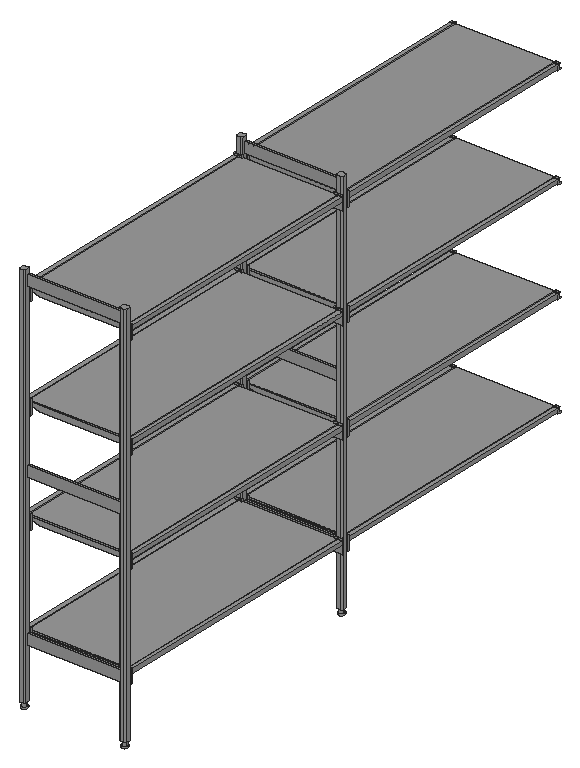
Revit family "QF_ELECTROLUXPROFESSIONAL_137086_CLS2372", category Attrezzature speciali, Revit 2020
Family settings
  Quota connettore circolare = Usa diametro
  Tipo di parte = Normale
  Basato su piano di lavoro = No
  Sempre verticale = Sì
  Taglio con vuoti quando caricato = No
  Condiviso = No
  Punto di calcolo locali = No
Parameters (values of type "Standard")
  Weight = 41.00 kg
  Watts = 0 W
  Volts = 0 V
  URL Manufacturer = "https://www.electroluxprofessional.com/"
  URL = "https://www.electroluxprofessional.com/"
  Steam Supply Size = 0 mm
  Steam Supply Minimum Pressure = 0.0 Pa
  Steam Supply Maximum Pressure = 0.0 Pa
  Steam Consumption per Hour = 0
  Refrigeration Suction Line Size = 0.0 mm
  Refrigeration Liquid Line Size = 0.0 mm
  Refrigerant Compressor Remote = yes
  Prospetto di default = 0.0 mm
  Phase = 0
  Modello = "CLS2372"
  Produttore = "Electrolux Professional"
  Length Actual = 2376.0 mm  # constant formula
  Item Number = "137086"
  Hot Water Size = 0 mm
  Height Actual = 1700.0 mm  # constant formula
  HP = "0 HP"
  Gas Size = 0 mm
  Gas KW = 0
  Gas Input Pressure = 0 W
  Direct Waste Size = 0 mm
  Descrizione = "ALUM.CORNER SHELV.-POLY.TIERS-475X2376MM"
  Depth Actual = 475.0 mm  # constant formula
  Cycle = 0 Hz
  Condensate Return Size = 0 mm
  Compressed Air Volume = 0.0 L/s
  Compressed Air Size = 0 mm
  Compressed Air Pressure = 0.0 Pa
  Cold Water Size = 0 mm
  Accessory = yes
Reference planes
  plane 1: z = 0
  plane 2 "CenterLeft": y = -535.5
  plane 3 "FRONT": y = -921.5
  plane 4 "LEFT": x = 192.5
  plane 5 "RIGHT": x = 667.5
  plane 6 "TOP": z = 1700
  plane 7: y = -889.5
  plane 8: y = 262.5
  plane 9 "Center (Left/Back)": x = 430
  plane 10: x = 256
  plane 11: x = 668
  plane 12 "FEET": z = 25
  plane 13: z = 275
  plane 14: z = 725
  plane 15: z = 1175
  plane 16: z = 1625
  plane 17 "CXLeft": y = -907.5
  plane 18 "Center (Front/Back)": y = 280.5
  plane 19 "CYFront": x = 510
  plane 20: y = 1450.5
  plane 21: y = 298.5
  plane 22 "BACK": y = 1454.5
  plane 23 "LEFT_ORIGIN": x = 158.5
  plane 24 "BACK_ORIGIN": y = 1929.5
Forms (mm)
  Extrusion 1, solid, material "QF_Aluminum"
    sketch origin (38.022, -921.5, -4.006) x (-1, 0, 0) y (0, 0, 1)
      loop
        line (-189.5, 1637.003) -> (-173.5, 1637.003) -> (-173.5, 1655) -> (-175.493, 1655) -> (-175.493, 1648.501) -> (-608.5, 1648.501) -> (-608.5, 1655) -> (-610.5, 1655) -> (-610.5, 1637.003) -> (-594.5, 1637.003) -> (-560.5, 1625) -> (-223.5, 1625) -> (-189.5, 1637.003)
      loop
        line (-189.5, 1187.003) -> (-173.5, 1187.003) -> (-173.5, 1205) -> (-175.493, 1205) -> (-175.493, 1198.501) -> (-608.5, 1198.501) -> (-608.5, 1205) -> (-610.5, 1205) -> (-610.5, 1187.003) -> (-594.5, 1187.003) -> (-560.5, 1175) -> (-223.5, 1175) -> (-189.5, 1187.003)
      loop
        line (-189.5, 737.003) -> (-173.5, 737.003) -> (-173.5, 755) -> (-175.493, 755) -> (-175.493, 748.501) -> (-608.5, 748.501) -> (-608.5, 755) -> (-610.5, 755) -> (-610.5, 737.003) -> (-594.5, 737.003) -> (-560.5, 725) -> (-223.5, 725) -> (-189.5, 737.003)
      loop
        line (-189.5, 287.003) -> (-173.5, 287.003) -> (-173.5, 305) -> (-175.493, 305) -> (-175.493, 298.501) -> (-608.5, 298.501) -> (-608.5, 305) -> (-610.5, 305) -> (-610.5, 287.003) -> (-594.5, 287.003) -> (-560.5, 275) -> (-223.5, 275) -> (-189.5, 287.003)
    from 37 to 32
  Extrusion 2, solid, material "QF_Aluminum"
    sketch origin (38.022, -921.5, 0) x (-1, 0, 0) y (0, 0, 1)
      loop
        line (-154.478, 246.005) -> (-154.478, 307.993) -> (-190.471, 307.993) -> (-190.471, 246.005) -> (-154.478, 246.005)
      loop
        line (-593.484, 246.005) -> (-593.484, 307.993) -> (-629.478, 307.993) -> (-629.478, 246.005) -> (-593.484, 246.005)
      loop
        line (-154.478, 696.005) -> (-154.478, 757.993) -> (-190.471, 757.993) -> (-190.471, 696.005) -> (-154.478, 696.005)
      loop
        line (-593.484, 696.005) -> (-593.484, 757.993) -> (-629.478, 757.993) -> (-629.478, 696.005) -> (-593.484, 696.005)
      loop
        line (-154.478, 1146.005) -> (-154.478, 1207.993) -> (-190.471, 1207.993) -> (-190.471, 1146.005) -> (-154.478, 1146.005)
      loop
        line (-593.484, 1146.005) -> (-593.484, 1207.993) -> (-629.478, 1207.993) -> (-629.478, 1146.005) -> (-593.484, 1146.005)
      loop
        line (-154.478, 1596.005) -> (-154.478, 1657.993) -> (-190.471, 1657.993) -> (-190.471, 1596.005) -> (-154.478, 1596.005)
      loop
        line (-593.484, 1596.005) -> (-593.484, 1657.993) -> (-629.478, 1657.993) -> (-629.478, 1596.005) -> (-593.484, 1596.005)
    from 28 to 32
  Extrusion 3, solid, material "QF_Aluminum"
    sketch origin (38.022, -921.5, 0) x (-1, 0, 0) y (0, 0, 1)
      loop
        line (-154.5, 1650.994) -> (-173.5, 1650.994) -> (-173.5, 1632.998) -> (-154.5, 1632.998) -> (-154.5, 1650.994)
      loop
        line (-154.5, 1200.994) -> (-173.5, 1200.994) -> (-173.5, 1182.998) -> (-154.5, 1182.998) -> (-154.5, 1200.994)
      loop
        line (-154.5, 750.994) -> (-173.5, 750.994) -> (-173.5, 732.998) -> (-154.5, 732.998) -> (-154.5, 750.994)
      loop
        line (-154.5, 300.994) -> (-173.5, 300.994) -> (-173.5, 282.998) -> (-154.5, 282.998) -> (-154.5, 300.994)
      loop
        line (-629.455, 1650.994) -> (-629.455, 1632.998) -> (-610.455, 1632.998) -> (-610.455, 1650.994) -> (-629.455, 1650.994)
      loop
        line (-629.455, 1200.994) -> (-629.455, 1182.998) -> (-610.455, 1182.998) -> (-610.455, 1200.994) -> (-629.455, 1200.994)
      loop
        line (-629.455, 750.994) -> (-629.455, 732.998) -> (-610.455, 732.998) -> (-610.455, 750.994) -> (-629.455, 750.994)
      loop
        line (-629.455, 300.994) -> (-629.455, 282.998) -> (-610.455, 282.998) -> (-610.455, 300.994) -> (-629.455, 300.994)
    from 32 to 1184
  Extrusion 4, solid, material "QF_Polyethylene"
    sketch origin (38.022, -921.5, 0) x (-1, 0, 0) y (0, 0, 1)
      loop
        line (-175.493, 1650.994) -> (-608.5, 1650.994) -> (-608.5, 1644.496) -> (-175.493, 1644.496) -> (-175.493, 1650.994)
      loop
        line (-175.493, 1200.994) -> (-608.5, 1200.994) -> (-608.5, 1194.496) -> (-175.493, 1194.496) -> (-175.493, 1200.994)
      loop
        line (-175.493, 750.994) -> (-608.5, 750.994) -> (-608.5, 744.496) -> (-175.493, 744.496) -> (-175.493, 750.994)
      loop
        line (-175.493, 300.994) -> (-608.5, 300.994) -> (-608.5, 294.496) -> (-175.493, 294.496) -> (-175.493, 300.994)
    from 32 to 1184
  Extrusion 5, solid, material "QF_Aluminum"
    sketch origin (38.022, 684.5, 0) x (-1, 0, 0) y (0, 0, 1)
      loop
        line (-154.5, 1650.994) -> (-173.5, 1650.994) -> (-173.5, 1632.998) -> (-154.5, 1632.998) -> (-154.5, 1650.994)
      loop
        line (-610.455, 1650.994) -> (-629.455, 1650.994) -> (-629.455, 1632.998) -> (-610.455, 1632.998) -> (-610.455, 1650.994)
      loop
        line (-154.5, 1200.994) -> (-173.5, 1200.994) -> (-173.5, 1182.998) -> (-154.5, 1182.998) -> (-154.5, 1200.994)
      loop
        line (-610.455, 1200.994) -> (-629.455, 1200.994) -> (-629.455, 1182.998) -> (-610.455, 1182.998) -> (-610.455, 1200.994)
      loop
        line (-154.5, 750.994) -> (-173.5, 750.994) -> (-173.5, 732.998) -> (-154.5, 732.998) -> (-154.5, 750.994)
      loop
        line (-610.455, 750.994) -> (-629.455, 750.994) -> (-629.455, 732.998) -> (-610.455, 732.998) -> (-610.455, 750.994)
      loop
        line (-154.5, 300.994) -> (-173.5, 300.994) -> (-173.5, 282.998) -> (-154.5, 282.998) -> (-154.5, 300.994)
      loop
        line (-610.455, 300.994) -> (-629.455, 300.994) -> (-629.455, 282.998) -> (-610.455, 282.998) -> (-610.455, 300.994)
    from 766 to -386
  Extrusion 6, solid, material "QF_Polyethylene"
    sketch origin (38.022, 684.5, 0) x (-1, 0, 0) y (0, 0, 1)
      loop
        line (-175.493, 1650.994) -> (-608.5, 1650.994) -> (-608.5, 1644.496) -> (-175.493, 1644.496) -> (-175.493, 1650.994)
      loop
        line (-175.493, 1200.994) -> (-608.5, 1200.994) -> (-608.5, 1194.496) -> (-175.493, 1194.496) -> (-175.493, 1200.994)
      loop
        line (-175.493, 750.994) -> (-608.5, 750.994) -> (-608.5, 744.496) -> (-175.493, 744.496) -> (-175.493, 750.994)
      loop
        line (-175.493, 300.994) -> (-608.5, 300.994) -> (-608.5, 294.496) -> (-175.493, 294.496) -> (-175.493, 300.994)
    from 766 to -386
Lines and regions (mm)
  symbolic lines
    curve 1: line (256, -912.5, 1700) -> (668, -912.5, 1700)
    curve 2: line (668, -902.5, 1700) -> (256, -902.5, 1700)
    curve 3: line (192.5, -893.5, 1700) -> (192.5, 266.5, 1700)
    curve 4: line (667.5, -889.5, 1700) -> (667.5, 262.5, 1700)
    curve 5: line (192.5, 294.5, 1700) -> (192.5, 1454.5, 1700)
    curve 6: line (667.5, 294.5, 1700) -> (667.5, 1454.5, 1700)
    curve 7: line (648.478, 262.5, 1700) -> (648.478, -889.5, 1700)
    curve 8: line (211.522, -889.5, 1700) -> (211.522, 262.5, 1700)
    curve 9: line (211.522, 298.5, 1700) -> (211.522, 1450.5, 1700)
    curve 10: line (648.478, 1450.5, 1700) -> (648.478, 298.5, 1700)
Dimensions and locks
  plane 3 "FRONT" to plane 2 "CenterLeft" = 386.0 mm
  locked: plane 6 "TOP" to level at 1700
  locked: plane 7 to plane 8 at 1152
  locked: plane 10 to plane 11 at 412
  plane 10 to plane 9 "Center (Left/Back)" to plane 11 = 174.0 mm, 238.0 mm
  equal spacing: plane 4 "LEFT", plane 9 "Center (Left/Back)", plane 5 "RIGHT"
  plane 12 "FEET" to level = 25.0 mm
  plane 6 "TOP" to plane 12 "FEET" = 1675.0 mm
  plane 13 to plane 12 "FEET" = 250.0 mm
  plane 14 to plane 13 = 450.0 mm
  plane 15 to plane 14 = 450.0 mm
  plane 16 to plane 15 = 450.0 mm
  locked: plane 21 to plane 20 at 1152
  locked: plane 8 to plane 18 "Center (Front/Back)" at 18
  locked: plane 18 "Center (Front/Back)" to plane 21 at 18
  locked: plane 3 "FRONT" to plane 7 at 32
  locked: plane 4 "LEFT" to plane 5 "RIGHT" at 475
  locked: plane 23 "LEFT_ORIGIN" to plane 5 "RIGHT" at 509
  locked: plane 22 "BACK" to plane 24 "BACK_ORIGIN" at 475
  locked: plane 22 "BACK" to plane 3 "FRONT" at 2376
  aligned and locked: level to plane 1
  aligned and locked: Extrusion 1 to plane 7
  aligned and locked: plane 7 to Extrusion 2
  aligned and locked: Extrusion 4 to plane 7
  aligned and locked: plane 8 to Extrusion 4
  aligned and locked: Extrusion 3 to plane 7
  aligned and locked: plane 8 to Extrusion 3
  aligned and locked: Extrusion 1 sketch curve to Extrusion 1 sketch curve  (x3)
  aligned and locked: Extrusion 5 sketch curve to Extrusion 5 sketch curve  (x2)
  aligned and locked: Extrusion 5 to plane 21  (x5)
  aligned and locked: Extrusion 6 to plane 21  (x5)
  aligned and locked: nested 2 to plane 18 "Center (Front/Back)"
  aligned and locked: plane 17 "CXLeft" to nested 1
  aligned and locked: plane 7 to Extrusion 3  (x3)
  aligned and locked: Extrusion 3 to plane 8  (x4)
  aligned and locked: Extrusion 4 to plane 8  (x4)
  aligned and locked: plane 20 to Extrusion 5
  aligned and locked: plane 20 to Extrusion 6
  aligned and locked: Extrusion 5 to plane 20  (x3)
  aligned and locked: Extrusion 6 to plane 20  (x3)
  aligned and locked: plane 9 "Center (Left/Back)" to nested 2
  aligned and locked: nested 3 to plane 22 "BACK"
Automatic sketch dimensions
  Extrusion 1 sketch curve to plane 19 "CYFront" = 138.522 mm  (x4)
  plane 11 to Extrusion 1 sketch curve = 35.478 mm  (x4)
  Extrusion 1 sketch curve to plane 13 = 4.006 mm
  Extrusion 1 sketch curve to Extrusion 1 sketch curve = 34.0 mm  (x4)
  Extrusion 1 sketch curve to plane 14 = 4.006 mm
  Extrusion 1 sketch curve to plane 15 = 4.006 mm
  Extrusion 1 sketch curve to plane 16 = 4.006 mm
  Extrusion 1 sketch curve to plane 10 = 5.522 mm  (x4)
  plane 10 to Extrusion 1 sketch curve = 28.478 mm  (x4)
  plane 13 to Extrusion 1 sketch curve = 7.998 mm  (x2)
  Extrusion 1 sketch curve to Extrusion 1 sketch curve = 11.498 mm  (x4)
  Extrusion 1 sketch curve to Extrusion 1 sketch curve = 6.499 mm  (x8)
  plane 14 to Extrusion 1 sketch curve = 7.998 mm  (x2)
  plane 15 to Extrusion 1 sketch curve = 7.998 mm  (x2)
  plane 16 to Extrusion 1 sketch curve = 7.998 mm  (x2)
  plane 5 "RIGHT" to Extrusion 2 sketch curve = 35.993 mm  (x4)
  Extrusion 2 sketch curve to plane 4 "LEFT" = 0.0 mm  (x4)
  plane 11 to Extrusion 2 sketch curve = 0.5 mm  (x4)
  plane 10 to Extrusion 2 sketch curve = 27.507 mm  (x4)
  Extrusion 2 sketch curve to plane 13 = 28.995 mm  (x2)
  plane 13 to Extrusion 2 sketch curve = 32.993 mm  (x2)
  Extrusion 2 sketch curve to plane 14 = 28.995 mm  (x2)
  plane 14 to Extrusion 2 sketch curve = 32.993 mm  (x2)
  Extrusion 2 sketch curve to plane 15 = 28.995 mm  (x2)
  plane 15 to Extrusion 2 sketch curve = 32.993 mm  (x2)
  Extrusion 2 sketch curve to plane 16 = 28.995 mm  (x2)
  plane 16 to Extrusion 2 sketch curve = 32.993 mm  (x2)
  plane 13 to Extrusion 4 sketch curve = 19.496 mm
  Extrusion 4 sketch curve to Extrusion 4 sketch curve = 6.499 mm  (x4)
  plane 14 to Extrusion 4 sketch curve = 19.496 mm
  plane 15 to Extrusion 4 sketch curve = 19.496 mm
  plane 16 to Extrusion 4 sketch curve = 19.496 mm
  plane 5 "RIGHT" to Extrusion 5 sketch curve = 0.022 mm  (x4)
  Extrusion 5 sketch curve to plane 4 "LEFT" = 19.022 mm  (x4)
  Extrusion 5 sketch curve to plane 19 "CYFront" = 138.478 mm  (x2)
  plane 13 to Extrusion 5 sketch curve = 7.998 mm  (x2)
  Extrusion 5 sketch curve to Extrusion 5 sketch curve = 17.997 mm  (x8)
  plane 14 to Extrusion 5 sketch curve = 7.998 mm  (x2)
  plane 15 to Extrusion 5 sketch curve = 7.998 mm  (x2)
  plane 16 to Extrusion 5 sketch curve = 7.998 mm  (x2)
  Extrusion 6 sketch curve to plane 19 "CYFront" = 136.522 mm  (x4)
  plane 13 to Extrusion 6 sketch curve = 19.496 mm
  Extrusion 6 sketch curve to Extrusion 6 sketch curve = 6.499 mm  (x4)
  plane 14 to Extrusion 6 sketch curve = 19.496 mm
  plane 15 to Extrusion 6 sketch curve = 19.496 mm
  plane 16 to Extrusion 6 sketch curve = 19.496 mm
  plane 5 "RIGHT" to Extrusion 3 sketch curve = 0.022 mm  (x4)
  Extrusion 3 sketch curve to Extrusion 3 sketch curve = 19.0 mm  (x4)
  plane 14 to Extrusion 3 sketch curve = 7.998 mm  (x2)
  plane 10 to Extrusion 3 sketch curve = 44.478 mm  (x4)
  Extrusion 3 sketch curve to plane 4 "LEFT" = 0.022 mm  (x4)
  plane 13 to Extrusion 3 sketch curve = 25.994 mm  (x2)
  plane 13 to Extrusion 3 sketch curve = 7.998 mm  (x2)
  Extrusion 3 sketch curve to Extrusion 3 sketch curve = 17.997 mm  (x6)
  plane 15 to Extrusion 3 sketch curve = 7.998 mm  (x2)
  plane 16 to Extrusion 3 sketch curve = 7.998 mm  (x2)
  plane 10 to Extrusion 1 sketch curve = 42.484 mm  (x4)
  plane 10 to Extrusion 1 sketch curve = 44.478 mm  (x2)
  Extrusion 1 sketch curve to Extrusion 1 sketch curve = 1.993 mm  (x2)
  plane 10 to Extrusion 4 sketch curve = 42.484 mm  (x4)
  Extrusion 5 sketch curve to plane 4 "LEFT" = 0.022 mm  (x4)
  plane 10 to Extrusion 6 sketch curve = 42.484 mm  (x4)
  Extrusion 1 sketch curve to Extrusion 1 sketch curve = 2.0 mm
  plane 5 "RIGHT" to Extrusion 4 sketch curve = 20.978 mm  (x4)
  curve 1 to plane 11 = 0.0 mm
  curve 1 to plane 10 = 0.0 mm
  curve 2 to plane 10 = 0.0 mm
  curve 2 to plane 11 = 0.0 mm
  curve 3 to plane 4 "LEFT" = 0.0 mm
  curve 4 to plane 5 "RIGHT" = 0.0 mm
  plane 7 to curve 4 = 0.0 mm
  plane 7 to curve 8 = 0.0 mm
  plane 8 to curve 8 = 0.0 mm
  plane 8 to curve 7 = 0.0 mm
  plane 8 to curve 4 = 0.0 mm
  curve 5 to plane 4 "LEFT" = 0.0 mm
  curve 6 to plane 5 "RIGHT" = 0.0 mm
  plane 20 to curve 9 = 0.0 mm
  plane 22 "BACK" to curve 5 = 0.0 mm
  plane 22 "BACK" to curve 6 = 0.0 mm
  plane 7 to curve 3 = 4.0 mm
  plane 17 "CXLeft" to curve 2 = 5.0 mm
  curve 1 to plane 17 "CXLeft" = 5.0 mm
  curve 3 to plane 8 = 4.0 mm
  curve 6 to plane 21 = 4.0 mm
  curve 9 to plane 4 "LEFT" = 19.022 mm
  curve 8 to plane 4 "LEFT" = 19.022 mm
  curve 9 to plane 21 = 0.0 mm
  plane 21 to curve 10 = 0.0 mm
  curve 5 to plane 21 = 4.0 mm
  plane 7 to curve 7 = 0.0 mm
  curve 4 to curve 7 = 19.022 mm
  plane 20 to curve 10 = 0.0 mm
  plane 5 "RIGHT" to curve 10 = 19.022 mm
Nested families
  nested 1: "WT_Anta475" at (215.5, -504.5, 0) x (0, 1, 0) z (0, 0, 1), type "WT_Anta475"
  nested 2: "WT_Anta475Center" at (215.5, 683.5, 0) x (0, 1, 0) z (0, 0, 1), type "WT_Anta475Center"
  nested 3: "WT_Aggancio475" at (215.5, 1862.5, 0) x (0, 1, 0) z (0, 0, 1), type "WT_Aggancio475"
Definition of nested family "WT_Anta475"
  Parameters
    WidthLeft = A + 64.0 mm  # 772.0 mm
    Width = 1606.0 mm
    Right = WidthLeft / 2  # 386.0 mm
    Default Elevation = 0.0 mm
    Left = -WidthLeft / 2  # -386.0 mm
    Height = 1725.0 mm
    FEET = 25.0 mm
    E = 0.0 mm
    Dint = Depth - 63.0 mm  # 412.0 mm
    Dext = Depth - 8.0 mm  # 467.0 mm
    Depth = 475.0 mm
    DX = (WidthLeft - A) / 2  # 32.0 mm
    B = 798.0 mm
    A = 708.0 mm
  Reference planes
    plane 1: z = 0
    plane 2 "LEFT": x = -417
    plane 3 "BACK": y = 23
    plane 4 "FRONT": y = -452
    plane 5 "TOP": z = 1725
    plane 6 "Center (Front/Back)": y = -214.5
    plane 7: y = -8.5
    plane 8: y = -420.5
    plane 9 "FEET": z = 25
    plane 10: z = 275
    plane 11: z = 725
    plane 12: z = 1175
    plane 13: z = 1625
    plane 14 "CXLeft": x = -403
    plane 15: y = 5.5
    plane 16 "CYBack": y = 5.5
    plane 17 "CYFront": y = -434.5
    plane 18: x = -385.031
    plane 19: x = -380.031
  Forms (mm)
    Extrusion 1, solid
      sketch origin (0, 0, 0) x (1, 0, 0) y (0, 1, 0)
        loop
          line (-417, 13.246) -> (-417, -2.246) -> (-410.746, -8.5) -> (-395.254, -8.5) -> (-389, -2.246) -> (-389, 13.246) -> (-395.254, 19.5) -> (-410.746, 19.5) -> (-417, 13.246)
      from 1725 to 25
    Extrusion 2, solid
      sketch origin (-417, 0, 0) x (0, 1, 0) y (0, 0, 1)
        loop
          line (23, 246.005) -> (23, 307.993) -> (-12.993, 307.993) -> (-12.993, 246.005) -> (23, 246.005)
        loop
          line (-452, 246.005) -> (-416.007, 246.005) -> (-416.007, 307.993) -> (-452, 307.993) -> (-452, 246.005)
        loop
          line (23, 696.005) -> (23, 757.993) -> (-12.993, 757.993) -> (-12.993, 696.005) -> (23, 696.005)
        loop
          line (-452, 696.005) -> (-416.007, 696.005) -> (-416.007, 757.993) -> (-452, 757.993) -> (-452, 696.005)
        loop
          line (23, 1146.005) -> (23, 1207.993) -> (-12.993, 1207.993) -> (-12.993, 1146.005) -> (23, 1146.005)
        loop
          line (-452, 1146.005) -> (-416.007, 1146.005) -> (-416.007, 1207.993) -> (-452, 1207.993) -> (-452, 1146.005)
        loop
          line (23, 1596.005) -> (23, 1657.993) -> (-12.993, 1657.993) -> (-12.993, 1596.005) -> (23, 1596.005)
        loop
          line (-452, 1596.005) -> (-416.007, 1596.005) -> (-416.007, 1657.993) -> (-452, 1657.993) -> (-452, 1596.005)
      from 28 to 32
    Revolve 3, solid
      sketch origin (-403, 0, 0) x (0, 1, 0) y (0, 0, 1)
        loop
          line (5.5, 25) -> (5.5, 0) -> (19, 0) -> (19, 5) -> (14, 5) -> (14, 25) -> (5.5, 25)
        axis (5.5, 25) -> (5.5, 0)
      angle from 0 to 360
    Extrusion 4, solid
      sketch origin (-403, 0, 0) x (0, 1, 0) y (0, 0, 1)
        loop
          line (-8.5, 912.382) -> (-8.5, 957.374) -> (-420.5, 957.374) -> (-420.5, 912.382) -> (-8.5, 912.382)
        loop
          line (-8.5, 1662.244) -> (-8.5, 1707.236) -> (-420.5, 1707.236) -> (-420.5, 1662.244) -> (-8.5, 1662.244)
      from -5 to 5
    Revolve 5, solid
      sketch origin (-403, -627, 0) x (0, -1, 0) y (0, 0, 1)
        loop
          line (-192.5, 25) -> (-192.5, 0) -> (-179, 0) -> (-179, 5) -> (-184, 5) -> (-184, 25) -> (-192.5, 25)
        axis (-192.5, 25) -> (-192.5, 0)
      angle from 0 to 360
    Extrusion 6, solid
      sketch origin (0, -627, 0) x (1, 0, 0) y (0, 1, 0)
        loop
          line (-417, 184.754) -> (-410.746, 178.5) -> (-395.254, 178.5) -> (-389, 184.754) -> (-389, 200.246) -> (-395.254, 206.5) -> (-410.746, 206.5) -> (-417, 200.246) -> (-417, 184.754)
      from 1725 to 25
    Extrusion 7, solid
      sketch origin (-417.031, -0.022, 0) x (0, 1, 0) y (0, 0, -1)
        loop
          line (-12, -1632.998) -> (-46, -1620.994) -> (-383, -1620.994) -> (-417, -1632.998) -> (-433, -1632.998) -> (-433, -1650.994) -> (-431, -1650.994) -> (-431, -1644.496) -> (2.007, -1644.496) -> (2.007, -1650.994) -> (4, -1650.994) -> (4, -1632.998) -> (-12, -1632.998)
        loop
          line (-12, -1182.998) -> (-46, -1170.994) -> (-383, -1170.994) -> (-417, -1182.998) -> (-433, -1182.998) -> (-433, -1200.994) -> (-431, -1200.994) -> (-431, -1194.496) -> (2.007, -1194.496) -> (2.007, -1200.994) -> (4, -1200.994) -> (4, -1182.998) -> (-12, -1182.998)
        loop
          line (-12, -732.998) -> (-46, -720.994) -> (-383, -720.994) -> (-417, -732.998) -> (-433, -732.998) -> (-433, -750.994) -> (-431, -750.994) -> (-431, -744.496) -> (2.007, -744.496) -> (2.007, -750.994) -> (4, -750.994) -> (4, -732.998) -> (-12, -732.998)
        loop
          line (-12, -282.998) -> (-46, -270.994) -> (-383, -270.994) -> (-417, -282.998) -> (-433, -282.998) -> (-433, -300.994) -> (-431, -300.994) -> (-431, -294.496) -> (2.007, -294.496) -> (2.007, -300.994) -> (4, -300.994) -> (4, -282.998) -> (-12, -282.998)
      from -32 to -37
    Extrusion 8, solid
      sketch origin (-403, 0, -659.878) x (0, 1, 0) y (0, 0, 1)
        loop
          line (-8.5, 912.382) -> (-8.5, 957.374) -> (-420.5, 957.374) -> (-420.5, 912.382) -> (-8.5, 912.382)
        loop
          line (-8.5, 1572.382) -> (-8.5, 1617.374) -> (-420.5, 1617.374) -> (-420.5, 1572.382) -> (-8.5, 1572.382)
        loop
          line (-8.5, 2322.382) -> (-8.5, 2367.374) -> (-420.5, 2367.374) -> (-420.5, 2322.382) -> (-8.5, 2322.382)
      from -5 to 5
  Lines and regions (mm)
    symbolic lines
      curve 1: line (-408, -8.5, 1725) -> (-408, -420.5, 1725)
      curve 2: line (-398, -420.5, 1725) -> (-398, -8.5, 1725)
      curve 3: line (-395.254, -8.5, 1725) -> (-410.746, -8.5, 1725)
      curve 4: line (-417, -2.246, 1725) -> (-410.746, -8.5, 1725)
      curve 5: line (-417, 13.246, 1725) -> (-417, -2.246, 1725)
      curve 6: line (-410.746, 19.5, 1725) -> (-417, 13.246, 1725)
      curve 7: line (-395.254, 19.5, 1725) -> (-410.746, 19.5, 1725)
      curve 8: line (-389, 13.246, 1725) -> (-395.254, 19.5, 1725)
      curve 9: line (-395.254, -8.5, 1725) -> (-389, -2.246, 1725)
      curve 10: line (-395.254, -420.5, 1725) -> (-410.746, -420.5, 1725)
      curve 11: line (-417, -426.754, 1725) -> (-410.746, -420.5, 1725)
      curve 12: line (-410.746, -448.5, 1725) -> (-417, -442.246, 1725)
      curve 13: line (-395.254, -448.5, 1725) -> (-410.746, -448.5, 1725)
      curve 14: line (-389, -442.246, 1725) -> (-395.254, -448.5, 1725)
      curve 15: line (-395.254, -420.5, 1725) -> (-389, -426.754, 1725)
      curve 16: line (-389, -452, 1725) -> (-389, -416.007, 1725)
      curve 17: line (-389, -416.007, 1725) -> (-385, -416.007, 1725)
      curve 18: line (-389, 23, 1725) -> (-389, -12.993, 1725)
      curve 19: line (-389, -12.993, 1725) -> (-385, -12.993, 1725)
      curve 20: line (-417, -426.754, 1725) -> (-417, -442.246, 1725)
      curve 21: line (-385, -452, 1725) -> (-385, -416.007, 1725)
      curve 22: line (-385, -452, 1725) -> (-389, -452, 1725)
      curve 23: line (-385, 23, 1725) -> (-389, 23, 1725)
      curve 24: line (-385, -12.993, 1725) -> (-385, 23, 1725)
      curve 25: line (-385.031, -13.016, 1725) -> (-385.031, -416.029, 1725)
  Dimensions and locks
    "Height": plane 5 "TOP" to level
    "Depth": plane 3 "BACK" to plane 4 "FRONT"
    "Dint": plane 7 to plane 8
    equal spacing: plane 7, plane 6 "Center (Front/Back)", plane 8
    equal spacing: plane 3 "BACK", plane 6 "Center (Front/Back)", plane 4 "FRONT"
    plane 9 "FEET" to level = 25.0 mm
    plane 5 "TOP" to plane 9 "FEET" = 1700.0 mm
    plane 10 to plane 9 "FEET" = 250.0 mm
    plane 11 to plane 10 = 450.0 mm
    plane 12 to plane 11 = 450.0 mm
    plane 13 to plane 12 = 450.0 mm
    locked: plane 2 "LEFT" to plane 14 "CXLeft" at 14
    locked: plane 3 "BACK" to plane 16 "CYBack" at 17.5
    locked: plane 17 "CYFront" to plane 4 "FRONT" at 17.5
    locked: Revolve 3 sketch curve to Revolve 3 sketch curve at 8.5
    locked: Revolve 3 sketch curve to plane 16 "CYBack" at 13.5
    locked: Revolve 5 sketch curve to Revolve 5 sketch curve at 8.5
    aligned and locked: level to plane 1
    aligned and locked: curve 20 to Extrusion 6
    aligned and locked: plane 5 "TOP" to Extrusion 1
    aligned and locked: plane 5 "TOP" to Extrusion 6
    aligned and locked: Extrusion 7 sketch curve to Extrusion 7 sketch curve  (x3)
  Automatic sketch dimensions
    curve 16 to plane 4 "FRONT" = 0.0 mm
    curve 11 to plane 8 = 0.0 mm
    curve 9 to plane 7 = 0.0 mm
    curve 5 to plane 2 "LEFT" = 0.0 mm
    curve 23 to plane 3 "BACK" = 0.0 mm
    plane 4 "FRONT" to curve 13 = 3.5 mm
    curve 20 to plane 17 "CYFront" = 7.746 mm
    curve 20 to plane 8 = 6.254 mm
    plane 8 to curve 16 = 4.493 mm
    curve 24 to plane 18 = 0.031 mm
    curve 24 to plane 7 = 4.493 mm
    plane 7 to curve 5 = 6.254 mm
    curve 5 to plane 15 = 7.746 mm
    curve 6 to plane 3 "BACK" = 3.5 mm
    curve 21 to plane 18 = 0.031 mm
    plane 18 to curve 23 = 3.969 mm
    plane 18 to curve 16 = 3.969 mm
    curve 18 to curve 8 = 6.254 mm
    curve 18 to curve 3 = 6.254 mm
    curve 16 to curve 13 = 6.254 mm
    curve 16 to curve 15 = 6.254 mm
    plane 2 "LEFT" to curve 10 = 6.254 mm
    plane 2 "LEFT" to curve 7 = 6.254 mm
    plane 2 "LEFT" to curve 12 = 6.254 mm
    plane 2 "LEFT" to curve 3 = 6.254 mm
    curve 14 to plane 17 "CYFront" = 7.746 mm
    curve 15 to plane 8 = 6.254 mm
    plane 7 to curve 9 = 6.254 mm
    curve 8 to plane 15 = 7.746 mm
    curve 3 to curve 2 = 2.746 mm
    curve 1 to curve 10 = 2.746 mm
    Extrusion 1 sketch curve to plane 2 "LEFT" = 0.0 mm
    Extrusion 1 sketch curve to plane 7 = 0.0 mm
    plane 2 "LEFT" to Extrusion 1 sketch curve = 6.254 mm  (x2)
    plane 14 "CXLeft" to Extrusion 1 sketch curve = 7.746 mm  (x2)
    Extrusion 1 sketch curve to plane 3 "BACK" = 3.5 mm
    plane 18 to Extrusion 1 sketch curve = 3.969 mm
    plane 7 to Extrusion 1 sketch curve = 6.254 mm  (x2)
    Extrusion 1 sketch curve to plane 15 = 7.746 mm  (x2)
    Extrusion 2 sketch curve to plane 4 "FRONT" = 0.0 mm  (x4)
    Extrusion 2 sketch curve to plane 3 "BACK" = 0.0 mm  (x4)
    plane 8 to Extrusion 2 sketch curve = 4.493 mm  (x4)
    Extrusion 2 sketch curve to plane 7 = 4.493 mm  (x4)
    Extrusion 2 sketch curve to plane 10 = 28.995 mm  (x2)
    plane 10 to Extrusion 2 sketch curve = 32.993 mm  (x2)
    Extrusion 2 sketch curve to plane 11 = 28.995 mm  (x2)
    plane 11 to Extrusion 2 sketch curve = 32.993 mm  (x2)
    Extrusion 2 sketch curve to plane 12 = 28.995 mm  (x2)
    plane 12 to Extrusion 2 sketch curve = 32.993 mm  (x2)
    Extrusion 2 sketch curve to plane 13 = 28.995 mm  (x2)
    plane 13 to Extrusion 2 sketch curve = 32.993 mm  (x2)
    Revolve 3 sketch curve to plane 9 "FEET" = 0.0 mm  (x2)
    Revolve 3 sketch curve to plane 15 = 0.0 mm  (x2)
    Revolve 3 sketch curve to level = 0.0 mm
    level to Revolve 3 sketch curve = 5.0 mm
    Revolve 3 sketch curve to Revolve 3 sketch curve = 11.655 mm
    Extrusion 4 sketch curve to plane 8 = 0.0 mm  (x2)
    Extrusion 4 sketch curve to plane 7 = 0.0 mm  (x2)
    plane 11 to Extrusion 4 sketch curve = 187.382 mm
    Extrusion 4 sketch curve to Extrusion 4 sketch curve = 44.992 mm
    plane 13 to Extrusion 4 sketch curve = 37.244 mm
    Extrusion 4 sketch curve to plane 5 "TOP" = 17.764 mm
    Revolve 5 sketch curve to plane 9 "FEET" = 0.0 mm  (x2)
    Revolve 5 sketch curve to plane 17 "CYFront" = 0.0 mm  (x2)
    Revolve 5 sketch curve to level = 0.0 mm
    Revolve 5 sketch curve to plane 4 "FRONT" = 4.0 mm
    Revolve 5 sketch curve to Revolve 5 sketch curve = 5.0 mm
    level to Revolve 5 sketch curve = 11.655 mm
    Extrusion 6 sketch curve to plane 2 "LEFT" = 0.0 mm
    Extrusion 6 sketch curve to plane 8 = 0.0 mm
    Extrusion 6 sketch curve to plane 2 "LEFT" = 6.254 mm  (x2)
    Extrusion 6 sketch curve to plane 14 "CXLeft" = 7.746 mm  (x2)
    Extrusion 6 sketch curve to plane 4 "FRONT" = 3.5 mm
    Extrusion 6 sketch curve to plane 18 = 3.969 mm
    plane 8 to Extrusion 6 sketch curve = 6.254 mm  (x2)
    plane 17 "CYFront" to Extrusion 6 sketch curve = 7.746 mm  (x2)
    plane 17 "CYFront" to Extrusion 7 sketch curve = 1.478 mm  (x4)
    Extrusion 7 sketch curve to Extrusion 7 sketch curve = 2.0 mm
    plane 8 to Extrusion 7 sketch curve = 3.478 mm  (x4)
    Extrusion 7 sketch curve to plane 10 = 4.006 mm
    Extrusion 7 sketch curve to Extrusion 7 sketch curve = 34.0 mm  (x4)
    Extrusion 7 sketch curve to plane 11 = 4.006 mm
    Extrusion 7 sketch curve to plane 12 = 4.006 mm
    Extrusion 7 sketch curve to plane 13 = 4.006 mm
    Extrusion 7 sketch curve to plane 7 = 37.522 mm  (x4)
    Extrusion 7 sketch curve to plane 7 = 3.522 mm  (x4)
    plane 15 to Extrusion 7 sketch curve = 3.516 mm  (x4)
    plane 15 to Extrusion 7 sketch curve = 1.522 mm  (x4)
    plane 13 to Extrusion 7 sketch curve = 7.998 mm  (x2)
    Extrusion 7 sketch curve to Extrusion 7 sketch curve = 11.498 mm
    Extrusion 7 sketch curve to Extrusion 7 sketch curve = 6.499 mm  (x5)
    plane 12 to Extrusion 7 sketch curve = 25.994 mm  (x2)
    plane 12 to Extrusion 7 sketch curve = 7.998 mm  (x2)
    plane 11 to Extrusion 7 sketch curve = 25.994 mm  (x2)
    plane 11 to Extrusion 7 sketch curve = 7.998 mm  (x2)
    plane 10 to Extrusion 7 sketch curve = 25.994 mm  (x2)
    plane 10 to Extrusion 7 sketch curve = 7.998 mm  (x2)
    curve 25 to plane 18 = 0.0 mm
    plane 8 to curve 25 = 4.471 mm
    curve 25 to plane 7 = 4.516 mm
    Extrusion 8 sketch curve to plane 8 = 0.0 mm  (x3)
    Extrusion 8 sketch curve to plane 7 = 0.0 mm  (x3)
    Extrusion 8 sketch curve to plane 10 = 22.496 mm
    plane 10 to Extrusion 8 sketch curve = 22.496 mm
    plane 11 to Extrusion 8 sketch curve = 187.504 mm
    Extrusion 8 sketch curve to Extrusion 8 sketch curve = 44.992 mm
    plane 13 to Extrusion 8 sketch curve = 37.504 mm
    Extrusion 8 sketch curve to plane 5 "TOP" = 17.504 mm
Definition of nested family "WT_Anta475Center"
  Parameters
    WidthLeft = A + 64.0 mm  # 772.0 mm
    Width = 1606.0 mm
    Right = WidthLeft / 2  # 386.0 mm
    Default Elevation = 0.0 mm
    Left = -WidthLeft / 2  # -386.0 mm
    Height = 1725.0 mm
    FEET = 25.0 mm
    E = 0.0 mm
    Dint = Depth - 63.0 mm  # 412.0 mm
    Dext = Depth - 8.0 mm  # 467.0 mm
    Depth = 475.0 mm
    DX = (WidthLeft - A) / 2  # 32.0 mm
    B = 798.0 mm
    A = 708.0 mm
  Reference planes
    plane 1: z = 0
    plane 2 "L": x = -417
    plane 3 "BACK": y = 23
    plane 4 "FRONT": y = -452
    plane 5 "TOP": z = 1725
    plane 6 "Center (Front/Back)": y = -214.5
    plane 7: y = -8.5
    plane 8: y = -420.5
    plane 9 "FEET": z = 25
    plane 10: z = 275
    plane 11: z = 725
    plane 12: z = 1175
    plane 13: z = 1625
    plane 14 "CXLeft": x = -403
    plane 15: y = 5.5
    plane 16 "CYBack": y = 5.5
    plane 17 "CYFront": y = -434.5
    plane 18: x = -385.031
    plane 19 "RIGHT": x = -380.031
    plane 20: x = -420.969
    plane 21 "LEFT": x = -425.969
  Forms (mm)
    Extrusion 1, solid
      sketch origin (0, 0, 0) x (1, 0, 0) y (0, 1, 0)
        loop
          line (-417, 13.246) -> (-417, -2.246) -> (-410.746, -8.5) -> (-395.254, -8.5) -> (-389, -2.246) -> (-389, 13.246) -> (-395.254, 19.5) -> (-410.746, 19.5) -> (-417, 13.246)
      from 1725 to 25
    Extrusion 2, solid
      sketch origin (-417, 0, 0) x (0, 1, 0) y (0, 0, 1)
        loop
          line (23, 246.005) -> (23, 307.993) -> (-12.993, 307.993) -> (-12.993, 246.005) -> (23, 246.005)
        loop
          line (-452, 246.005) -> (-416.007, 246.005) -> (-416.007, 307.993) -> (-452, 307.993) -> (-452, 246.005)
        loop
          line (23, 696.005) -> (23, 757.993) -> (-12.993, 757.993) -> (-12.993, 696.005) -> (23, 696.005)
        loop
          line (-452, 696.005) -> (-416.007, 696.005) -> (-416.007, 757.993) -> (-452, 757.993) -> (-452, 696.005)
        loop
          line (23, 1146.005) -> (23, 1207.993) -> (-12.993, 1207.993) -> (-12.993, 1146.005) -> (23, 1146.005)
        loop
          line (-452, 1146.005) -> (-416.007, 1146.005) -> (-416.007, 1207.993) -> (-452, 1207.993) -> (-452, 1146.005)
        loop
          line (23, 1596.005) -> (23, 1657.993) -> (-12.993, 1657.993) -> (-12.993, 1596.005) -> (23, 1596.005)
        loop
          line (-452, 1596.005) -> (-416.007, 1596.005) -> (-416.007, 1657.993) -> (-452, 1657.993) -> (-452, 1596.005)
      from 28 to 32
    Revolve 3, solid
      sketch origin (-403, 0, 0) x (0, 1, 0) y (0, 0, 1)
        loop
          line (5.5, 25) -> (5.5, 0) -> (19, 0) -> (19, 5) -> (14, 5) -> (14, 25) -> (5.5, 25)
        axis (5.5, 25) -> (5.5, 0)
      angle from 0 to 360
    Extrusion 4, solid
      sketch origin (-403, 0, 0) x (0, 1, 0) y (0, 0, 1)
        loop
          line (-8.5, 912.382) -> (-8.5, 957.374) -> (-420.5, 957.374) -> (-420.5, 912.382) -> (-8.5, 912.382)
        loop
          line (-8.5, 1662.244) -> (-8.5, 1707.236) -> (-420.5, 1707.236) -> (-420.5, 1662.244) -> (-8.5, 1662.244)
      from -5 to 5
    Revolve 5, solid
      sketch origin (-403, -627, 0) x (0, -1, 0) y (0, 0, 1)
        loop
          line (-192.5, 25) -> (-192.5, 0) -> (-179, 0) -> (-179, 5) -> (-184, 5) -> (-184, 25) -> (-192.5, 25)
        axis (-192.5, 25) -> (-192.5, 0)
      angle from 0 to 360
    Extrusion 6, solid
      sketch origin (0, -627, 0) x (1, 0, 0) y (0, 1, 0)
        loop
          line (-417, 184.754) -> (-410.746, 178.5) -> (-395.254, 178.5) -> (-389, 184.754) -> (-389, 200.246) -> (-395.254, 206.5) -> (-410.746, 206.5) -> (-417, 200.246) -> (-417, 184.754)
      from 1725 to 25
    Extrusion 7, solid
      sketch origin (-417.031, -0.022, 0) x (0, 1, 0) y (0, 0, -1)
        loop
          line (-12, -1632.998) -> (-46, -1620.994) -> (-383, -1620.994) -> (-417, -1632.998) -> (-433, -1632.998) -> (-433, -1650.994) -> (-431, -1650.994) -> (-431, -1644.496) -> (2.007, -1644.496) -> (2.007, -1650.994) -> (4, -1650.994) -> (4, -1632.998) -> (-12, -1632.998)
        loop
          line (-12, -1182.998) -> (-46, -1170.994) -> (-383, -1170.994) -> (-417, -1182.998) -> (-433, -1182.998) -> (-433, -1200.994) -> (-431, -1200.994) -> (-431, -1194.496) -> (2.007, -1194.496) -> (2.007, -1200.994) -> (4, -1200.994) -> (4, -1182.998) -> (-12, -1182.998)
        loop
          line (-12, -732.998) -> (-46, -720.994) -> (-383, -720.994) -> (-417, -732.998) -> (-433, -732.998) -> (-433, -750.994) -> (-431, -750.994) -> (-431, -744.496) -> (2.007, -744.496) -> (2.007, -750.994) -> (4, -750.994) -> (4, -732.998) -> (-12, -732.998)
        loop
          line (-12, -282.998) -> (-46, -270.994) -> (-383, -270.994) -> (-417, -282.998) -> (-433, -282.998) -> (-433, -300.994) -> (-431, -300.994) -> (-431, -294.496) -> (2.007, -294.496) -> (2.007, -300.994) -> (4, -300.994) -> (4, -282.998) -> (-12, -282.998)
      from -32 to -37
    Extrusion 8, solid
      sketch origin (-403, 0, -659.878) x (0, 1, 0) y (0, 0, 1)
        loop
          line (-8.5, 912.382) -> (-8.5, 957.374) -> (-420.5, 957.374) -> (-420.5, 912.382) -> (-8.5, 912.382)
        loop
          line (-8.5, 1572.382) -> (-8.5, 1617.374) -> (-420.5, 1617.374) -> (-420.5, 1572.382) -> (-8.5, 1572.382)
        loop
          line (-8.5, 2322.382) -> (-8.5, 2367.374) -> (-420.5, 2367.374) -> (-420.5, 2322.382) -> (-8.5, 2322.382)
      from -5 to 5
    Extrusion 9, solid
      sketch origin (-389, 0, 0) x (0, 1, 0) y (0, 0, -1)
        loop
          line (23, -246.005) -> (-12.993, -246.005) -> (-12.993, -307.993) -> (23, -307.993) -> (23, -246.005)
        loop
          line (-452, -246.005) -> (-452, -307.993) -> (-416.007, -307.993) -> (-416.007, -246.005) -> (-452, -246.005)
        loop
          line (23, -696.005) -> (-12.993, -696.005) -> (-12.993, -757.993) -> (23, -757.993) -> (23, -696.005)
        loop
          line (-452, -696.005) -> (-452, -757.993) -> (-416.007, -757.993) -> (-416.007, -696.005) -> (-452, -696.005)
        loop
          line (23, -1146.005) -> (-12.993, -1146.005) -> (-12.993, -1207.993) -> (23, -1207.993) -> (23, -1146.005)
        loop
          line (-452, -1146.005) -> (-452, -1207.993) -> (-416.007, -1207.993) -> (-416.007, -1146.005) -> (-452, -1146.005)
        loop
          line (23, -1596.005) -> (-12.993, -1596.005) -> (-12.993, -1657.993) -> (23, -1657.993) -> (23, -1596.005)
        loop
          line (-452, -1596.005) -> (-452, -1657.993) -> (-416.007, -1657.993) -> (-416.007, -1596.005) -> (-452, -1596.005)
      from 28 to 32
    Extrusion 10, solid
      sketch origin (-388.969, -0.022, 0) x (0, 1, 0) y (0, 0, 1)
        loop
          line (-12, 1632.998) -> (4, 1632.998) -> (4, 1650.994) -> (2.007, 1650.994) -> (2.007, 1644.496) -> (-431, 1644.496) -> (-431, 1650.994) -> (-433, 1650.994) -> (-433, 1632.998) -> (-417, 1632.998) -> (-383, 1620.994) -> (-46, 1620.994) -> (-12, 1632.998)
        loop
          line (-12, 1182.998) -> (4, 1182.998) -> (4, 1200.994) -> (2.007, 1200.994) -> (2.007, 1194.496) -> (-431, 1194.496) -> (-431, 1200.994) -> (-433, 1200.994) -> (-433, 1182.998) -> (-417, 1182.998) -> (-383, 1170.994) -> (-46, 1170.994) -> (-12, 1182.998)
        loop
          line (-12, 732.998) -> (4, 732.998) -> (4, 750.994) -> (2.007, 750.994) -> (2.007, 744.496) -> (-431, 744.496) -> (-431, 750.994) -> (-433, 750.994) -> (-433, 732.998) -> (-417, 732.998) -> (-383, 720.994) -> (-46, 720.994) -> (-12, 732.998)
        loop
          line (-12, 282.998) -> (4, 282.998) -> (4, 300.994) -> (2.007, 300.994) -> (2.007, 294.496) -> (-431, 294.496) -> (-431, 300.994) -> (-433, 300.994) -> (-433, 282.998) -> (-417, 282.998) -> (-383, 270.994) -> (-46, 270.994) -> (-12, 282.998)
      from -32 to -37
  Lines and regions (mm)
    symbolic lines
      curve 1: line (-408, -8.5, 1725) -> (-408, -420.5, 1725)
      curve 2: line (-398, -420.5, 1725) -> (-398, -8.5, 1725)
      curve 3: line (-395.254, -8.5, 1725) -> (-410.746, -8.5, 1725)
      curve 4: line (-417, -2.246, 1725) -> (-410.746, -8.5, 1725)
      curve 5: line (-410.746, 19.5, 1725) -> (-417, 13.246, 1725)
      curve 6: line (-395.254, 19.5, 1725) -> (-410.746, 19.5, 1725)
      curve 7: line (-389, 13.246, 1725) -> (-395.254, 19.5, 1725)
      curve 8: line (-395.254, -8.5, 1725) -> (-389, -2.246, 1725)
      curve 9: line (-395.254, -420.5, 1725) -> (-410.746, -420.5, 1725)
      curve 10: line (-417, -426.754, 1725) -> (-410.746, -420.5, 1725)
      curve 11: line (-410.746, -448.5, 1725) -> (-417, -442.246, 1725)
      curve 12: line (-395.254, -448.5, 1725) -> (-410.746, -448.5, 1725)
      curve 13: line (-389, -442.246, 1725) -> (-395.254, -448.5, 1725)
      curve 14: line (-395.254, -420.5, 1725) -> (-389, -426.754, 1725)
      curve 15: line (-389, -452, 1725) -> (-389, -416.007, 1725)
      curve 16: line (-389, -416.007, 1725) -> (-385, -416.007, 1725)
      curve 17: line (-389, 23, 1725) -> (-389, -12.993, 1725)
      curve 18: line (-389, -12.993, 1725) -> (-385, -12.993, 1725)
      curve 19: line (-385, -452, 1725) -> (-385, -416.007, 1725)
      curve 20: line (-385, -452, 1725) -> (-389, -452, 1725)
      curve 21: line (-385, 23, 1725) -> (-389, 23, 1725)
      curve 22: line (-385, -12.993, 1725) -> (-385, 23, 1725)
      curve 23: line (-385.031, -13.016, 1725) -> (-385.031, -416.029, 1725)
      curve 24: line (-417, -452, 1725) -> (-417, -416.007, 1725)
      curve 25: line (-417, -416.007, 1725) -> (-421, -416.007, 1725)
      curve 26: line (-417, 23, 1725) -> (-417, -12.993, 1725)
      curve 27: line (-417, -12.993, 1725) -> (-421, -12.993, 1725)
      curve 28: line (-421, -452, 1725) -> (-421, -416.007, 1725)
      curve 29: line (-421, -452, 1725) -> (-417, -452, 1725)
      curve 30: line (-421, 23, 1725) -> (-417, 23, 1725)
      curve 31: line (-421, -12.993, 1725) -> (-421, 23, 1725)
      curve 32: line (-420.969, -13.016, 1725) -> (-420.969, -416.029, 1725)
  Dimensions and locks
    "Height": plane 5 "TOP" to level
    "Depth": plane 3 "BACK" to plane 4 "FRONT"
    "Dint": plane 7 to plane 8
    equal spacing: plane 7, plane 6 "Center (Front/Back)", plane 8
    equal spacing: plane 3 "BACK", plane 6 "Center (Front/Back)", plane 4 "FRONT"
    plane 9 "FEET" to level = 25.0 mm
    plane 5 "TOP" to plane 9 "FEET" = 1700.0 mm
    plane 10 to plane 9 "FEET" = 250.0 mm
    plane 11 to plane 10 = 450.0 mm
    plane 12 to plane 11 = 450.0 mm
    plane 13 to plane 12 = 450.0 mm
    locked: plane 3 "BACK" to plane 16 "CYBack" at 17.5
    locked: plane 17 "CYFront" to plane 4 "FRONT" at 17.5
    locked: Revolve 3 sketch curve to Revolve 3 sketch curve at 8.5
    locked: Revolve 3 sketch curve to plane 16 "CYBack" at 13.5
    locked: Revolve 5 sketch curve to Revolve 5 sketch curve at 8.5
    aligned and locked: level to plane 1
    aligned and locked: plane 5 "TOP" to Extrusion 1
    aligned and locked: plane 5 "TOP" to Extrusion 6
    aligned and locked: Extrusion 7 sketch curve to Extrusion 7 sketch curve  (x3)
    aligned and locked: Extrusion 10 sketch curve to Extrusion 10 sketch curve  (x3)
  Automatic sketch dimensions
    curve 15 to plane 4 "FRONT" = 0.0 mm
    curve 28 to plane 4 "FRONT" = 0.0 mm
    curve 9 to plane 8 = 0.0 mm
    curve 25 to plane 2 "L" = 0.0 mm
    curve 8 to plane 7 = 0.0 mm
    curve 17 to plane 3 "BACK" = 0.0 mm
    curve 30 to plane 3 "BACK" = 0.0 mm
    plane 4 "FRONT" to curve 11 = 3.5 mm
    curve 19 to plane 18 = 0.031 mm
    plane 8 to curve 19 = 4.493 mm
    plane 8 to curve 25 = 4.493 mm
    curve 27 to plane 20 = 0.031 mm
    curve 27 to plane 7 = 4.493 mm
    curve 17 to plane 7 = 4.493 mm
    curve 5 to plane 15 = 7.746 mm
    curve 7 to plane 3 "BACK" = 3.5 mm
    curve 18 to plane 18 = 0.031 mm
    plane 18 to curve 21 = 3.969 mm
    plane 18 to curve 20 = 3.969 mm
    curve 15 to curve 9 = 6.254 mm
    curve 17 to curve 7 = 6.254 mm
    curve 17 to curve 3 = 6.254 mm
    curve 15 to curve 12 = 6.254 mm
    plane 2 "L" to curve 12 = 6.254 mm
    plane 2 "L" to curve 4 = 6.254 mm
    plane 2 "L" to curve 10 = 6.254 mm
    plane 2 "L" to curve 5 = 6.254 mm
    curve 28 to plane 20 = 0.031 mm
    curve 13 to plane 17 "CYFront" = 7.746 mm
    curve 14 to plane 8 = 6.254 mm
    plane 7 to curve 8 = 6.254 mm
    curve 7 to plane 15 = 7.746 mm
    curve 9 to curve 2 = 2.746 mm
    curve 1 to curve 9 = 2.746 mm
    Extrusion 1 sketch curve to plane 2 "L" = 0.0 mm
    Extrusion 1 sketch curve to plane 7 = 0.0 mm
    plane 2 "L" to Extrusion 1 sketch curve = 6.254 mm  (x2)
    plane 14 "CXLeft" to Extrusion 1 sketch curve = 7.746 mm  (x2)
    Extrusion 1 sketch curve to plane 3 "BACK" = 3.5 mm
    plane 18 to Extrusion 1 sketch curve = 3.969 mm
    plane 7 to Extrusion 1 sketch curve = 6.254 mm  (x2)
    Extrusion 1 sketch curve to plane 15 = 7.746 mm  (x2)
    Extrusion 2 sketch curve to plane 4 "FRONT" = 0.0 mm  (x4)
    Extrusion 2 sketch curve to plane 3 "BACK" = 0.0 mm  (x4)
    plane 8 to Extrusion 2 sketch curve = 4.493 mm  (x4)
    Extrusion 2 sketch curve to plane 7 = 4.493 mm  (x4)
    Extrusion 2 sketch curve to plane 10 = 28.995 mm  (x2)
    plane 10 to Extrusion 2 sketch curve = 32.993 mm  (x2)
    Extrusion 2 sketch curve to plane 11 = 28.995 mm  (x2)
    plane 11 to Extrusion 2 sketch curve = 32.993 mm  (x2)
    Extrusion 2 sketch curve to plane 12 = 28.995 mm  (x2)
    plane 12 to Extrusion 2 sketch curve = 32.993 mm  (x2)
    Extrusion 2 sketch curve to plane 13 = 28.995 mm  (x2)
    plane 13 to Extrusion 2 sketch curve = 32.993 mm  (x2)
    Revolve 3 sketch curve to plane 9 "FEET" = 0.0 mm  (x2)
    Revolve 3 sketch curve to plane 15 = 0.0 mm  (x2)
    Revolve 3 sketch curve to level = 0.0 mm
    level to Revolve 3 sketch curve = 5.0 mm
    Revolve 3 sketch curve to Revolve 3 sketch curve = 11.655 mm
    Extrusion 4 sketch curve to plane 8 = 0.0 mm  (x2)
    Extrusion 4 sketch curve to plane 7 = 0.0 mm  (x2)
    plane 11 to Extrusion 4 sketch curve = 187.382 mm
    Extrusion 4 sketch curve to Extrusion 4 sketch curve = 44.992 mm
    plane 13 to Extrusion 4 sketch curve = 37.244 mm
    Extrusion 4 sketch curve to plane 5 "TOP" = 17.764 mm
    Revolve 5 sketch curve to plane 9 "FEET" = 0.0 mm  (x2)
    Revolve 5 sketch curve to plane 17 "CYFront" = 0.0 mm  (x2)
    Revolve 5 sketch curve to level = 0.0 mm
    Revolve 5 sketch curve to plane 4 "FRONT" = 4.0 mm
    Revolve 5 sketch curve to Revolve 5 sketch curve = 5.0 mm
    level to Revolve 5 sketch curve = 11.655 mm
    Extrusion 6 sketch curve to plane 2 "L" = 0.0 mm
    Extrusion 6 sketch curve to plane 8 = 0.0 mm
    Extrusion 6 sketch curve to plane 2 "L" = 6.254 mm  (x2)
    Extrusion 6 sketch curve to plane 14 "CXLeft" = 7.746 mm  (x2)
    Extrusion 6 sketch curve to plane 4 "FRONT" = 3.5 mm
    Extrusion 6 sketch curve to plane 18 = 3.969 mm
    plane 8 to Extrusion 6 sketch curve = 6.254 mm  (x2)
    plane 17 "CYFront" to Extrusion 6 sketch curve = 7.746 mm  (x2)
    plane 17 "CYFront" to Extrusion 7 sketch curve = 1.478 mm  (x4)
    Extrusion 7 sketch curve to Extrusion 7 sketch curve = 2.0 mm
    plane 8 to Extrusion 7 sketch curve = 3.478 mm  (x4)
    Extrusion 7 sketch curve to plane 10 = 4.006 mm
    Extrusion 7 sketch curve to Extrusion 7 sketch curve = 34.0 mm  (x4)
    Extrusion 7 sketch curve to plane 11 = 4.006 mm
    Extrusion 7 sketch curve to plane 12 = 4.006 mm
    Extrusion 7 sketch curve to plane 13 = 4.006 mm
    Extrusion 7 sketch curve to plane 7 = 37.522 mm  (x4)
    Extrusion 7 sketch curve to plane 7 = 3.522 mm  (x4)
    plane 15 to Extrusion 7 sketch curve = 3.516 mm  (x4)
    plane 15 to Extrusion 7 sketch curve = 1.522 mm  (x4)
    plane 13 to Extrusion 7 sketch curve = 7.998 mm  (x2)
    Extrusion 7 sketch curve to Extrusion 7 sketch curve = 11.498 mm
    Extrusion 7 sketch curve to Extrusion 7 sketch curve = 6.499 mm  (x5)
    plane 12 to Extrusion 7 sketch curve = 25.994 mm  (x2)
    plane 12 to Extrusion 7 sketch curve = 7.998 mm  (x2)
    plane 11 to Extrusion 7 sketch curve = 25.994 mm  (x2)
    plane 11 to Extrusion 7 sketch curve = 7.998 mm  (x2)
    plane 10 to Extrusion 7 sketch curve = 25.994 mm  (x2)
    plane 10 to Extrusion 7 sketch curve = 7.998 mm  (x2)
    curve 23 to plane 18 = 0.0 mm
    curve 32 to plane 20 = 0.0 mm
    plane 8 to curve 23 = 4.471 mm
    plane 8 to curve 32 = 4.471 mm
    curve 32 to plane 7 = 4.516 mm
    curve 23 to plane 7 = 4.516 mm
    Extrusion 8 sketch curve to plane 8 = 0.0 mm  (x3)
    Extrusion 8 sketch curve to plane 7 = 0.0 mm  (x3)
    Extrusion 8 sketch curve to plane 10 = 22.496 mm
    plane 10 to Extrusion 8 sketch curve = 22.496 mm
    plane 11 to Extrusion 8 sketch curve = 187.504 mm
    Extrusion 8 sketch curve to Extrusion 8 sketch curve = 44.992 mm
    plane 13 to Extrusion 8 sketch curve = 37.504 mm
    Extrusion 8 sketch curve to plane 5 "TOP" = 17.504 mm
    Extrusion 9 sketch curve to plane 4 "FRONT" = 0.0 mm  (x4)
    Extrusion 9 sketch curve to plane 3 "BACK" = 0.0 mm  (x4)
    plane 8 to Extrusion 9 sketch curve = 4.493 mm  (x4)
    Extrusion 9 sketch curve to plane 7 = 4.493 mm  (x4)
    plane 13 to Extrusion 9 sketch curve = 32.993 mm  (x2)
    Extrusion 9 sketch curve to plane 13 = 28.995 mm  (x2)
    plane 12 to Extrusion 9 sketch curve = 32.993 mm  (x2)
    Extrusion 9 sketch curve to plane 12 = 28.995 mm  (x2)
    plane 11 to Extrusion 9 sketch curve = 32.993 mm  (x2)
    Extrusion 9 sketch curve to plane 11 = 28.995 mm  (x2)
    plane 10 to Extrusion 9 sketch curve = 32.993 mm  (x2)
    Extrusion 9 sketch curve to plane 10 = 28.995 mm  (x2)
    plane 17 "CYFront" to Extrusion 10 sketch curve = 1.478 mm  (x4)
    Extrusion 10 sketch curve to Extrusion 10 sketch curve = 2.0 mm
    plane 8 to Extrusion 10 sketch curve = 3.478 mm  (x4)
    Extrusion 10 sketch curve to plane 10 = 4.006 mm
    Extrusion 10 sketch curve to Extrusion 10 sketch curve = 34.0 mm  (x4)
    Extrusion 10 sketch curve to plane 11 = 4.006 mm
    Extrusion 10 sketch curve to plane 12 = 4.006 mm
    Extrusion 10 sketch curve to plane 13 = 4.006 mm
    Extrusion 10 sketch curve to plane 7 = 37.522 mm  (x4)
    Extrusion 10 sketch curve to plane 7 = 3.522 mm  (x4)
    plane 15 to Extrusion 10 sketch curve = 3.516 mm  (x4)
    plane 15 to Extrusion 10 sketch curve = 1.522 mm  (x4)
    plane 10 to Extrusion 10 sketch curve = 7.998 mm  (x2)
    Extrusion 10 sketch curve to Extrusion 10 sketch curve = 11.498 mm  (x4)
    Extrusion 10 sketch curve to Extrusion 10 sketch curve = 6.499 mm  (x8)
    plane 11 to Extrusion 10 sketch curve = 7.998 mm  (x2)
    plane 12 to Extrusion 10 sketch curve = 7.998 mm  (x2)
    plane 13 to Extrusion 10 sketch curve = 7.998 mm  (x2)
    curve 4 to plane 2 "L" = 0.0 mm
    plane 7 to curve 4 = 6.254 mm
    curve 11 to plane 17 "CYFront" = 7.746 mm
    curve 10 to plane 8 = 6.254 mm
Definition of nested family "WT_Aggancio475"
  Parameters
    WidthLeft = A + 64.0 mm  # 772.0 mm
    Width = 1606.0 mm
    Right = WidthLeft / 2  # 386.0 mm
    Default Elevation = 0.0 mm
    Left = -WidthLeft / 2  # -386.0 mm
    Height = 1725.0 mm
    FEET = 25.0 mm
    E = 0.0 mm
    Dint = Depth - 63.0 mm  # 412.0 mm
    Dext = Depth - 8.0 mm  # 467.0 mm
    Depth = 475.0 mm
    DX = (WidthLeft - A) / 2  # 32.0 mm
    B = 798.0 mm
    A = 708.0 mm
  Reference planes
    plane 1: z = 0
    plane 2 "LEFT": x = -417
    plane 3 "BACK": y = 23
    plane 4 "FRONT": y = -452
    plane 5 "TOP": z = 1725
    plane 6 "Center (Front/Back)": y = -214.5
    plane 7: y = -8.5
    plane 8: y = -420.5
    plane 9 "FEET": z = 25
    plane 10: z = 275
    plane 11: z = 725
    plane 12: z = 1175
    plane 13: z = 1625
    plane 14: y = 5.5
    plane 15 "CYBack": y = 5.5
    plane 16 "CYFront": y = -434.5
  Forms (mm)
    Extrusion 1, solid
      sketch origin (-380, -0.022, 0) x (0, 1, 0) y (0, 0, 1)
        loop
          line (-12, 1632.998) -> (4, 1632.998) -> (4, 1650.994) -> (2.007, 1650.994) -> (2.007, 1644.496) -> (-431, 1644.496) -> (-431, 1650.994) -> (-433, 1650.994) -> (-433, 1632.998) -> (-417, 1632.998) -> (-383, 1620.994) -> (-46, 1620.994) -> (-12, 1632.998)
        loop
          line (-12, 1182.998) -> (4, 1182.998) -> (4, 1200.994) -> (2.007, 1200.994) -> (2.007, 1194.496) -> (-431, 1194.496) -> (-431, 1200.994) -> (-433, 1200.994) -> (-433, 1182.998) -> (-417, 1182.998) -> (-383, 1170.994) -> (-46, 1170.994) -> (-12, 1182.998)
        loop
          line (-12, 732.998) -> (4, 732.998) -> (4, 750.994) -> (2.007, 750.994) -> (2.007, 744.496) -> (-431, 744.496) -> (-431, 750.994) -> (-433, 750.994) -> (-433, 732.998) -> (-417, 732.998) -> (-383, 720.994) -> (-46, 720.994) -> (-12, 732.998)
        loop
          line (-12, 282.998) -> (4, 282.998) -> (4, 300.994) -> (2.007, 300.994) -> (2.007, 294.496) -> (-431, 294.496) -> (-431, 300.994) -> (-433, 300.994) -> (-433, 282.998) -> (-417, 282.998) -> (-383, 270.994) -> (-46, 270.994) -> (-12, 282.998)
      from -32 to -37
    Extrusion 2, solid
      sketch origin (-793.062, -324.754, 6.5) x (1, 0, 0) y (0, 0, 1)
        loop
          line (385.062, 1644.496) -> (385.062, 1647.496) -> (376.062, 1647.496) -> (376.062, 1620.994) -> (390.031, 1620.994) -> (390.031, 1626.496) -> (381.062, 1626.496) -> (381.062, 1644.496) -> (385.062, 1644.496)
        loop
          line (385.062, 1194.496) -> (385.062, 1197.496) -> (376.062, 1197.496) -> (376.062, 1170.994) -> (390.031, 1170.994) -> (390.031, 1176.496) -> (381.062, 1176.496) -> (381.062, 1194.496) -> (385.062, 1194.496)
        loop
          line (385.062, 744.496) -> (385.062, 747.496) -> (376.062, 747.496) -> (376.062, 720.994) -> (390.031, 720.994) -> (390.031, 726.496) -> (381.062, 726.496) -> (381.062, 744.496) -> (385.062, 744.496)
        loop
          line (385.062, 294.496) -> (385.062, 297.496) -> (376.062, 297.496) -> (376.062, 270.994) -> (390.031, 270.994) -> (390.031, 276.496) -> (381.062, 276.496) -> (381.062, 294.496) -> (385.062, 294.496)
      from 108.268 to 127.246
    Extrusion 3, solid
      sketch origin (-793.062, 32.754, 6.5) x (1, 0, 0) y (0, 0, 1)
        loop
          line (385.062, 1644.496) -> (385.062, 1647.496) -> (376.062, 1647.496) -> (376.062, 1620.994) -> (390.031, 1620.994) -> (390.031, 1626.496) -> (381.062, 1626.496) -> (381.062, 1644.496) -> (385.062, 1644.496)
        loop
          line (385.062, 1194.496) -> (385.062, 1197.496) -> (376.062, 1197.496) -> (376.062, 1170.994) -> (390.031, 1170.994) -> (390.031, 1176.496) -> (381.062, 1176.496) -> (381.062, 1194.496) -> (385.062, 1194.496)
        loop
          line (385.062, 744.496) -> (385.062, 747.496) -> (376.062, 747.496) -> (376.062, 720.994) -> (390.031, 720.994) -> (390.031, 726.496) -> (381.062, 726.496) -> (381.062, 744.496) -> (385.062, 744.496)
        loop
          line (385.062, 294.496) -> (385.062, 297.496) -> (376.062, 297.496) -> (376.062, 270.994) -> (390.031, 270.994) -> (390.031, 276.496) -> (381.062, 276.496) -> (381.062, 294.496) -> (385.062, 294.496)
      from 9.754 to 28.776
  Lines and regions (mm)
    symbolic lines
      curve 1: line (-412, -452, 0) -> (-408, -452, 0)
      curve 2: line (-412, -433.022, 0) -> (-412, -452, 0)
      curve 3: line (-408, -433.022, 0) -> (-412, -433.022, 0)
      curve 4: line (-408, -452, 0) -> (-408, -433.022, 0)
      curve 5: line (-412, 3.978, 0) -> (-408, 3.978, 0)
      curve 6: line (-412, 23, 0) -> (-412, 3.978, 0)
      curve 7: line (-408, 23, 0) -> (-412, 23, 0)
      curve 8: line (-408, 3.978, 0) -> (-408, 23, 0)
  Dimensions and locks
    "Height": plane 5 "TOP" to level
    "Depth": plane 3 "BACK" to plane 4 "FRONT"
    "Dint": plane 7 to plane 8
